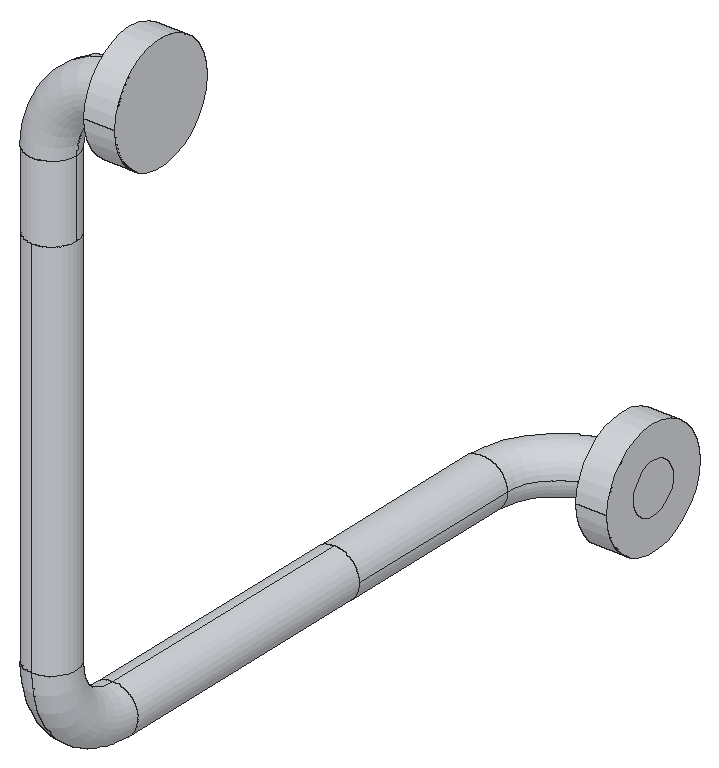
Revit family "AMB90_Toilet Rail", category Generic Models, Revit 2013
Parameters
  URL = "http://www.surecare.com.au"
  Rail Radius = 16.0 mm
  Model = "AMB90"
  Manufacturer = "SURE CARE"
  Description = "Ambulant Toilet Grab Rail Side Only with Upturn"
Reference planes
  plane 1 "Center (Front/Back)": y = 0
  plane 2: z = 0
  plane 3 "Center (Left/Right)": x = 0
  plane 4 "Side Rail Center": x = -71
  plane 5 "Rail Center Height": z = 784
  plane 6 "Side Rail End": y = -400
  plane 7: z = 1184
  plane 8: z = 800
  plane 9: x = -55
Forms (mm)
  Sweep 1, solid
    path origin (0, -450, 784) x (-1, 0, 0) y (0, -1, 0)
      loop
        line (0, -450) -> (21, -450)
        arc (21, -450) -> (56.355, -435.355) -> (71, -400) r 50
        line (71, -400) -> (71, -280)
    profile origin (-71, -110, 784) x (1, 0, 0) y (0, 0, 1)
      loop
        circle (0, 0) r 16
  Extrusion 2, solid
    sketch origin (0, -689.342, 312.297) x (0, 1, 0) y (0, 0, 1)
      loop
        circle (289.342, 871.703) r 37.5
    from 0 to -20
  Extrusion 3, solid
    sketch origin (0, -450, 0) x (0, 1, 0) y (0, 0, 1)
      loop
        circle (450, 784) r 37.5
    from 0 to -20
  Sweep 4, solid
    path origin (-71, -450, 0) x (0, 1, 0) y (0, 0, 1)
      loop
        line (280, 784) -> (100, 784)
        arc (100, 784) -> (64.645, 798.645) -> (50, 834) r 50
        line (50, 834) -> (50, 1084)
    profile origin (-71, -260, 784) x (0, 0, -1) y (1, 0, 0)
      loop
        circle (0, 0) r 16
  Sweep 5, solid
    path origin (0, -400, 0) x (0, 0, 1) y (-1, 0, 0)
      loop
        line (1184, 20) -> (1184, 21)
        arc (1184, 21) -> (1169.355, 56.355) -> (1134, 71) r 50
        line (1134, 71) -> (1084, 71)
    profile origin (-20.5, -400, 1184) x (0, 0, -1) y (0, -1, 0)
      loop
        circle (0, 0) r 16
Cuts and joins
  joined: Sweep 1, Sweep 4, Sweep 5
Dimensions and locks
  plane 5 "Rail Center Height" to level = 784.0 mm
  "Rail Radius": plane 8 to plane 5 "Rail Center Height"
  "Rail Radius": plane 4 "Side Rail Center" to plane 9
  "Rail Radius": radius of Sweep 1 sketch curve
  radius of Sweep 1 sketch curve = 50.0 mm
  "Rail Radius": radius of Sweep 4 sketch curve
  "Rail Radius": radius of Sweep 5 sketch curve
  aligned and locked: level to plane 2
  aligned and locked: Sweep 1 sketch curve to plane 4 "Side Rail Center"
  aligned and locked: plane 7 to Extrusion 2 sketch curve
  aligned and locked: plane 6 "Side Rail End" to Extrusion 2 sketch curve
  aligned and locked: plane 3 "Center (Left/Right)" to Sweep 1 sketch curve
  aligned and locked: plane 5 "Rail Center Height" to Extrusion 3 sketch curve
Automatic sketch dimensions
  Sweep 4 sketch curve to plane 6 "Side Rail End" = 0.0 mm
  Sweep 4 sketch curve to plane 5 "Rail Center Height" = 0.0 mm
  plane 8 to Sweep 4 sketch curve = 34.0 mm
  Sweep 4 sketch curve to plane 7 = 100.0 mm
  Sweep 5 sketch curve to plane 4 "Side Rail Center" = 0.0 mm
  Sweep 5 sketch curve to plane 7 = 0.0 mm
  Sweep 5 sketch curve to plane 7 = 50.0 mm
  Sweep 5 sketch curve to Sweep 5 sketch curve = 50.0 mm
  Sweep 5 sketch curve to plane 3 "Center (Left/Right)" = 20.0 mm
  Sweep 1 sketch curve to Sweep 1 sketch curve = 120.0 mm
  Sweep 1 sketch curve to plane 6 "Side Rail End" = 400.0 mm
  Extrusion 3 sketch curve to plane 6 "Side Rail End" = 400.0 mm
  Sweep 4 sketch curve to Sweep 4 sketch curve = 180.0 mm
  Sweep 1 sketch curve to plane 5 "Rail Center Height" = 0.0 mm
  profile plane to Sweep 1 sketch curve = 0.0 mm
  Sweep 4 sketch curve to plane 4 "Side Rail Center" = 0.0 mm
  Sweep 4 sketch curve to profile plane = 0.0 mm
  Sweep 5 sketch curve to plane 6 "Side Rail End" = 0.0 mm
  Sweep 5 sketch curve to profile plane = 0.0 mm
  radius of Extrusion 2 sketch curve = 37.5 mm
  radius of Extrusion 3 sketch curve = 37.5 mm
